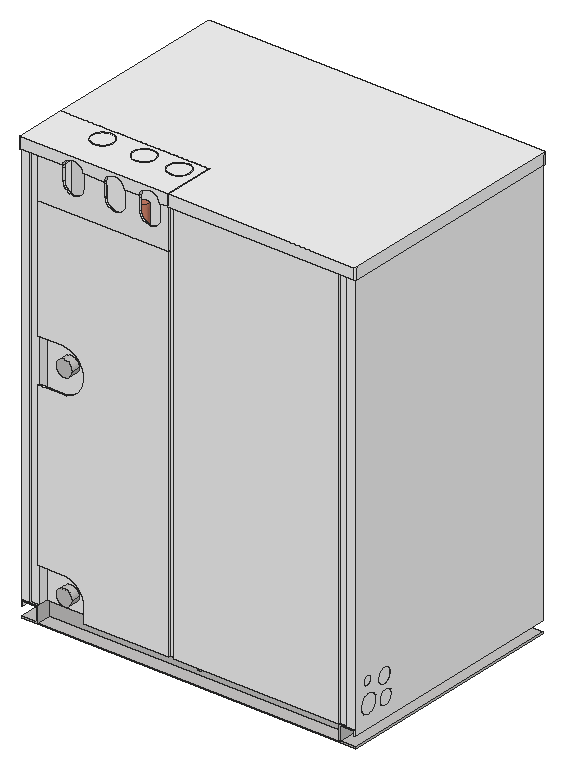
Revit family "Heat_Pump-Water_Source-JCI-Outdoor-6-18 _ton-w Heat Recovery", category Mechanical Equipment, Revit 2015
Parameters (values of type "208 v - 6 ton Cooling Capacity")
  Width = 21 5/8"
  Water X Offset = 3 11/16"
  Water Radius = Water Diameter / 2  # 5/8"
  Water Pressure Drop [instance] = 0.00 psi
  Water Flow [instance] = 0 GPM
  Water Diameter = 1 1/4"
  Water Body Radius = Water Radius + 13/128"  # 93/128"
  Voltage = 208 V
  Visibility 3 [instance] = not(Knockout Power 3)  # yes
  Visibility 2 [instance] = not(Knockout Power 2)  # yes
  Visibility 1 [instance] = not(Knockout Power 1)  # no
  URL = "http://www.johnsoncontrols.com"
  Type Comments = "208 v - 6 ton Cooling Capacity"
  Total Heating Capacity = 96000.0 Btu/h
  Total Cooling Capacity = 72000.0 Btu/h
  Top Refrigerant [instance] = not(Front Refrigerant)  # no
  Refrigerant Used = "R410A"
  Rear Condensate [instance] = not(Front Condensate)  # no
  Product Page URL = ""
  Product Name = "(H,Y)VWHR072B32S"
  Product Documentation Link = ""
  Power Z Offset [instance] = if(Knockout Power 1, 4 15/16", if(Knockout Power 2, 3", 2 11/16"))  # 4 15/16"
  Power Y Offset [instance] = if(Knockout Power 1, 1 1/2", if(Knockout Power 2, 1 5/8", 3 9/16"))  # 1 1/2"
  Power Factor = 0.8
  Plate Depth = 1/8"
  Pipe Material 2 = Metal - JCI - Steel WSHP
  Pipe Material 1 = Metal - JCI - Copper WSHP
  Phase = 3
  Panel 1 Width = 13 1/2"
  Operating Weight = 370.00 lbf
  Offset = 0"
  Number of Poles = 3
  Model = Product Name  # "(H,Y)VWHR072B32S"
  Minimum Circuit Current = 20 A
  Maximum Overcurrent Protection = 30 A
  Manufacturer = "Johnson Controls Incorporated"
  Load Classification = HVAC
  Lid Height = 1"
  Length 9 [instance] = if(Clearance Zones, Clearance Top Label, 0")  # 0"
  Length 8 [instance] = if(Clearance Zones, Clearance Back Label, 0")  # 0"
  Length 7 [instance] = if(Clearance Zones, Clearance Front, 0")  # 0"
  Length 6 [instance] = if(Clearance Zones, Clearance Right, 0")  # 0"
  Length 5 [instance] = if(Clearance Zones, Clearance Left, 0")  # 0"
  Length 4 = Knockout Radius + 1/32"  # 1"
  Length 2 = 5/32"
  Length 3 = 0" - Plate Depth  # -1/8"
  Length 12 = -1/8"
  Length 11 = (Width / 2) - Base Width + Plate Depth + 13/256"  # 9 125/256"
  Length 10 [instance] = 3" - 2 * Knockout Radius  # 1 1/16"
  Length 1 = 1/8"
  Length = 30 11/16"
  Knockout Radius = 1 15/16" / 2  # 31/32"
  Front Condensate [instance] = yes
  Drain X Offset = 15 3/8"
  Drain Flow [instance] = 0 GPM
  Drain Body Radius = Drain Diameter / 2 + 13/128"  # 45/128"
  Drain Diameter = 1/2"
  DX Gas Suction X Offset = 4 3/4"
  DX Gas Suction Radius = DX Gas Suction Diameter / 2  # 5/16"
  DX Gas Suction Diameter = 5/8"
  Clearance Top 2 = 11 13/16"
  Clearance Top 1 = 3 15/16"
  Clearance Back 2 = 19 11/16"
  Clearance Back 1 = 13/16"
  Base Width = 1 1/2"
  Knockout Power 3 [instance] = no
  Knockout Power 2 [instance] = no
  Knockout Power 1 [instance] = yes
  Front Refrigerant [instance] = yes
  Height = 39 3/8"
  Frequency = 60 Hz
  Description = "Outdoor Unit Variable Refrigerant Flow with Heat Recovery"
  DX Liquid X Offset = 11 3/4"
  DX Liquid Radius = DX Liquid Diameter / 2  # 3/16"
  DX Liquid Diameter = 3/8"
  DX Z Offset [instance] = 35 1/2"
  DX Gas Discharge X Offset = 8 9/16"
  DX Gas Discharge Radius = DX Gas Discharge Diameter / 2  # 3/8"
  DX Gas Discharge Diameter = 3/4"
  Copyright © = "Copyright © 2001-2017 Johnson Controls"  # constant formula
  Clearance Zones [instance] = no
  Clearance Top Label [instance] = if(Front Refrigerant, Clearance Top 1, Clearance Top 2)  # 3 15/16"
  Clearance Right = 7 7/8"
  Clearance Material = Clearance Zones
  Clearance Left = 7 7/8"
  Clearance Front = 19 11/16"
  Clearance Back Label [instance] = if(Rear Condensate, Clearance Back 2, Clearance Back 1)  # 13/16"
  Body Material = Paint - JCI - White WSHP
  Body Inset = 1/8"
  Base Material = Metal - JCI - Steel WSHP
  Base Height = 1 1/2"
  Assembly Code = "D3030200"
  Apparent Load = Voltage * Minimum Circuit Current / Power Factor  # 5200 VA
  Angle 1 [instance] = if(Front Condensate, 0.00°, 180.00°)  # 0.00°
Reference planes (in)
  plane 1 "Center (Front/Back)": y = 0
  plane 2: z = 0
  plane 3 "Center (Left/Right)": x = 0
  plane 4 "Left": x = -15.34375
  plane 5 "Right": x = 15.34375
  plane 6 "Back": y = 10.8125
  plane 7 "Front": y = -10.8125
  plane 8 "Bottom": z = 0
  plane 9 "Top": z = 39.375
  plane 10 "base top": z = 1.5
  plane 11 "lid bottom": z = 38.375
  plane 12 "front leg inside": y = -9.3125
  plane 13 "back leg inside": y = 9.3125
  plane 14 "body left": x = -15.21875
  plane 15 "body right": x = 15.21875
  plane 16 "body back": y = 10.6875
  plane 17 "body front": y = -10.6875
  plane 18 "left leg inside": x = -13.71875
  plane 19 "right leg inside": x = 13.71875
  plane 20 "panel bottom": z = 1
  plane 21 "detail panel top": z = 4.8125
  plane 22 "clearance back": y = 10.8125
  plane 23 "clearance front": y = -10.8125
  plane 24 "clearance left": x = -15.34375
  plane 25 "clearance right": x = 15.34375
  plane 26 "clearance top": z = 39.375
  plane 27: y = 0
  plane 28 "dx liquid x cl": x = -3.46875
  plane 29 "dx gas discharge x cl": x = -6.65625
  plane 30 "dx y cl": y = -7.4375
  plane 31: x = 13.5625
  plane 32 "front dummy": y = -10.8125
  plane 33: z = 0.125
  plane 34: z = 1.375
  plane 35 "connection back": y = -9.6875
  plane 36 "panel 1": x = -1.84375
  plane 37 "water x cl": x = -11.53125
  plane 38 "water in z cl": z = 2.8125
  plane 39 "water out z cl": z = 21.5625
  plane 40 "front panel top section": z = 34.625
  plane 41 "dx gas suction x cl": x = -10.46875
  plane 42 "front knockout z cl": z = 37.625
  plane 43: z = 38.15625
  plane 44: z = 37.09375
  plane 45: z = 39.25
  plane 46 "dx z cl": z = 35.5
  plane 47 "drain x cl": x = 0.03125
  plane 48 "drain z cl": z = 0.875
  plane 49 "bottom dummy": z = 0
Forms (in)
  Extrusion 1, solid, material "Paint - JCI - White WSHP" <- "Body Material", detail levels medium+fine
    sketch origin (0, 0, 0) x (1, 0, 0) y (0, 1, 0)
      loop
        arc (-15.21875, 10.8125) -> (-15.30714, 10.77589) -> (-15.34375, 10.6875) r 0.125
        line (-15.34375, 10.6875) -> (-15.34375, -6.0325) -> (-1.81375, -6.0325) -> (-1.81375, -10.8125) -> (15.21875, -10.8125)
        arc (15.21875, -10.8125) -> (15.30714, -10.77589) -> (15.34375, -10.6875) r 0.125
        line (15.34375, -10.6875) -> (15.34375, 10.6875)
        arc (15.34375, 10.6875) -> (15.30714, 10.77589) -> (15.21875, 10.8125) r 0.125
        line (15.21875, 10.8125) -> (-15.21875, 10.8125)
      loop
        arc (-15.34375, -10.6875) -> (-15.30714, -10.77589) -> (-15.21875, -10.8125) r 0.125
        line (-15.21875, -10.8125) -> (-1.84375, -10.8125) -> (-1.84375, -6.0625) -> (-15.34375, -6.0625) -> (-15.34375, -10.6875)
      loop
        circle (-10.46875, -7.4375) r 0.96875
      loop
        circle (-6.65625, -7.4375) r 0.96875
      loop
        circle (-3.46875, -7.4375) r 0.96875
    from 38.375 to 39.375
  Extrusion 2, solid, material "Paint - JCI - White WSHP" <- "Body Material", detail levels medium+fine
    sketch origin (0, -10.6875, 0) x (-1, 0, 0) y (0, 0, 1)
      loop
        line (1.84375, 1.5) -> (9.53125, 1.5) -> (9.53125, 2.8125)
        arc (9.53125, 2.8125) -> (10.11704, 4.22671) -> (11.53125, 4.8125) r 2
        line (11.53125, 4.8125) -> (13.71875, 4.8125) -> (13.71875, 19.5625) -> (11.53125, 19.5625)
        arc (11.53125, 19.5625) -> (9.53125, 21.5625) -> (11.53125, 23.5625) r 2
        line (11.53125, 23.5625) -> (13.71875, 23.5625) -> (13.71875, 34.59375) -> (1.84375, 34.59375) -> (1.84375, 1.5)
      loop
        line (1.34375, 38.375) -> (-13.71875, 38.375) -> (-13.71875, 1.5) -> (1.34375, 1.5) -> (1.34375, 38.375)
      loop
        line (13.71875, 38.375) -> (1.84375, 38.375) -> (1.84375, 34.625) -> (13.71875, 34.625) -> (13.71875, 38.375)
    from 0 to 0.125 <- "Plate Depth"
  Extrusion 3, solid, detail levels coarse
    sketch origin (0, 0, 0) x (1, 0, 0) y (0, 1, 0)
      loop
        line (-15.34375, 10.8125) -> (-15.34375, -10.8125) -> (15.34375, -10.8125) -> (15.34375, 10.8125) -> (-15.34375, 10.8125)
    from 0 to 39.375
  Extrusion 4, solid, material "Clearance Zones" <- "Clearance Material", visible <- "Clearance Zones"
    sketch origin (0, 0, 38.375) x (-1, 0, 0) y (0, -1, 0)
      loop
        line (15.34375, -10.8125) -> (15.34375, 10.8125) -> (-15.34375, 10.8125) -> (-15.34375, -10.8125) -> (15.34375, -10.8125)
    from -38.375 to 1
  Extrusion 5, solid, material "Metal - JCI - Steel WSHP" <- "Base Material", detail levels medium+fine
    sketch origin (0, 0, 0) x (1, 0, 0) y (0, 0, 1)
      loop
        line (15.09375, 1.375) -> (15.09375, 1.5) -> (13.71875, 1.5) -> (13.71875, 0) -> (15.21875, 0) -> (15.21875, 0.125) -> (13.84375, 0.125) -> (13.84375, 1.375) -> (15.09375, 1.375)
      loop
        line (-15.09375, 1.375) -> (-13.84375, 1.375) -> (-13.84375, 0.125) -> (-15.21875, 0.125) -> (-15.21875, 0) -> (-13.71875, 0) -> (-13.71875, 1.5) -> (-15.09375, 1.5) -> (-15.09375, 1.375)
    from -10.6875 to 10.6875
  Extrusion 6, solid, material "Paint - JCI - White WSHP" <- "Body Material", detail levels medium+fine
    sketch origin (0, 0, 0) x (1, 0, 0) y (0, 1, 0)
      loop
        line (-15.09375, 10.5625) -> (-15.09375, -10.5625) -> (-13.71875, -10.5625) -> (-13.71875, -9.6875) -> (-1.84375, -9.6875) -> (-1.84375, -10.5625) -> (15.09375, -10.5625) -> (15.09375, 10.5625) -> (-15.09375, 10.5625)
    from 1.5 to 38.375
  Extrusion 7, solid, material "Paint - JCI - White WSHP" <- "Body Material", detail levels medium+fine
    sketch origin (0, 0, 0) x (1, 0, 0) y (0, 1, 0)
      loop
        line (-15.09375, -10.5625) -> (-15.09375, 10.5625) -> (-14.46875, 10.5625) -> (-14.46875, 10.6875) -> (-15.21875, 10.6875) -> (-15.21875, -10.6875) -> (-14.46875, -10.6875) -> (-14.46875, -10.5625) -> (-15.09375, -10.5625)
      loop
        line (14.46875, 10.6875) -> (14.46875, 10.5625) -> (15.09375, 10.5625) -> (15.09375, -10.5625) -> (14.46875, -10.5625) -> (14.46875, -10.6875) -> (15.21875, -10.6875) -> (15.21875, 10.6875) -> (14.46875, 10.6875)
    from 1 to 38.375
  Extrusion 8, void
    sketch origin (0, 0, 0) x (1, 0, 0) y (0, 1, 0)
      loop
        line (-15.09375, 10.8125) -> (-15.09375, -10.8125) -> (15.09375, -10.8125) -> (15.09375, 10.8125) -> (-15.09375, 10.8125)
    from 0 to 1.5
  Extrusion 9, solid, material "Metal - JCI - Steel WSHP" <- "Pipe Material 2", detail levels medium+fine
    sketch origin (0, -9.6875, 0) x (-1, 0, 0) y (0, 0, 1)
      loop
        circle (11.53125, 21.5625) r 0.72656
      loop
        circle (11.53125, 2.8125) r 0.72656
    from 0 to -0.75
  Extrusion 10, void
    sketch origin (-38.06929, -10.7505, 48) x (1, 0, 0) y (0, 0, 1)
      loop
        line (26.63179, -9.84375) -> (26.63179, -10.90625)
        arc (26.63179, -10.90625) -> (27.60054, -11.875) -> (28.56929, -10.90625) r 0.96875
        line (28.56929, -10.90625) -> (28.56929, -9.84375)
        arc (28.56929, -9.84375) -> (27.60054, -8.875) -> (26.63179, -9.84375) r 0.96875
      loop
        line (30.44429, -9.84375) -> (30.44429, -10.90625)
        arc (30.44429, -10.90625) -> (31.41304, -11.875) -> (32.38179, -10.90625) r 0.96875
        line (32.38179, -10.90625) -> (32.38179, -9.84375)
        arc (32.38179, -9.84375) -> (31.41304, -8.875) -> (30.44429, -9.84375) r 0.96875
      loop
        line (33.63179, -9.84375) -> (33.63179, -10.90625)
        arc (33.63179, -10.90625) -> (34.60054, -11.875) -> (35.56929, -10.90625) r 0.96875
        line (35.56929, -10.90625) -> (35.56929, -9.84375)
        arc (35.56929, -9.84375) -> (34.60054, -8.875) -> (33.63179, -9.84375) r 0.96875
    from -1.063 to 0.125
  Extrusion 11, void
    sketch origin (0, 0, 0) x (1, 0, 0) y (0, 1, 0)
      loop
        line (-11.4375, -6.0325) -> (-11.4375, -10.5625) -> (-1.84375, -10.5625) -> (-1.84375, -6.0325) -> (-11.4375, -6.0325)
    from 27.82383 to 39.25
  Extrusion 12, solid, material "Paint - JCI - White WSHP" <- "Body Material", visible <- "Top Refrigerant", detail levels medium+fine
    sketch origin (0, -10.6875, 0) x (-1, 0, 0) y (0, 0, 1)
      loop
        arc (11.4375, 38.15625) -> (10.46875, 39.125) -> (9.5, 38.15625) r 0.96875
        line (9.5, 38.15625) -> (9.5, 37.09375)
        arc (9.5, 37.09375) -> (10.46875, 36.125) -> (11.4375, 37.09375) r 0.96875
        line (11.4375, 37.09375) -> (11.4375, 38.15625)
    from 0 to 0.125 <- "Plate Depth"
  Extrusion 13, solid, material "Paint - JCI - White WSHP" <- "Body Material", visible <- "Top Refrigerant", detail levels medium+fine
    sketch origin (0, -10.6875, 0) x (-1, 0, 0) y (0, 0, 1)
      loop
        line (5.6875, 38.15625) -> (5.6875, 37.09375)
        arc (5.6875, 37.09375) -> (6.65625, 36.125) -> (7.625, 37.09375) r 0.96875
        line (7.625, 37.09375) -> (7.625, 38.15625)
        arc (7.625, 38.15625) -> (6.65625, 39.125) -> (5.6875, 38.15625) r 0.96875
      loop
        line (4.4375, 37.09375) -> (4.4375, 38.15625)
        arc (4.4375, 38.15625) -> (3.46875, 39.125) -> (2.5, 38.15625) r 0.96875
        line (2.5, 38.15625) -> (2.5, 37.09375)
        arc (2.5, 37.09375) -> (3.46875, 36.125) -> (4.4375, 37.09375) r 0.96875
    from 0 to 0.125 <- "Plate Depth"
  Extrusion 14, solid, material "Paint - JCI - White WSHP" <- "Body Material", visible <- "Front Refrigerant", detail levels medium+fine
    sketch origin (0, 0, 39.375) x (-1, 0, 0) y (0, -1, 0)
      loop
        circle (6.65625, 7.4375) r 0.96875
      loop
        circle (3.46875, 7.4375) r 0.96875
      loop
        circle (10.46875, 7.4375) r 0.96875
    from 0 to -0.125 <- "Length 3"
  Extrusion 15, solid, material "Metal - JCI - Steel WSHP" <- "Base Material", detail levels medium+fine
    sketch origin (0, 0, 0) x (0, 1, 0) y (0, 0, 1)
      loop
        line (9.4375, 1.5) -> (9.3125, 1.5) -> (9.3125, 0) -> (10.6875, 0) -> (10.6875, 0.125) -> (9.4375, 0.125) -> (9.4375, 1.5)
      loop
        line (-9.3125, 1.5) -> (-9.4375, 1.5) -> (-9.4375, 0.125) -> (-10.6875, 0.125) -> (-10.6875, 0) -> (-9.3125, 0) -> (-9.3125, 1.5)
    from -13.71875 to 13.71875
  Extrusion 16, solid, material "Metal - JCI - Copper WSHP" <- "Pipe Material 1", detail levels medium+fine
    sketch origin (0, 0, 35.5) x (0, 1, 0) y (-1, 0, 0)
      loop
        circle (-7.4375, 6.65625) r 0.375
      loop
        circle (-7.4375, 3.46875) r 0.1875
      loop
        circle (-7.4375, 10.46875) r 0.3125
    from 0 to -7.67617
  Extrusion 17, void
    sketch origin (15.21875, 0, 0) x (0, 1, 0) y (0, 0, 1)
      loop
        circle (-9.3125, 4.9375) r 0.4375
      loop
        circle (-7.375, 4.5) r 0.71875
      loop
        circle (-9.1875, 3) r 0.875
      loop
        circle (-7.25, 2.6875) r 0.6875
    from 0 to -0.125 <- "Length 3"
  Extrusion 18, solid, material "Paint - JCI - White WSHP" <- "Body Material", visible <- "Visibility 1", detail levels medium+fine
    sketch origin (15.21875, 0, 0) x (0, 1, 0) y (0, 0, 1)
      loop
        circle (-9.3125, 4.9375) r 0.4375
    from 0 to -0.125 <- "Length 12"
  Extrusion 19, solid, material "Paint - JCI - White WSHP" <- "Body Material", visible <- "Visibility 2", detail levels medium+fine
    sketch origin (15.21875, 0, 0) x (0, 1, 0) y (0, 0, 1)
      loop
        circle (-9.1875, 3) r 0.875
    from 0 to -0.125 <- "Length 3"
  Extrusion 20, solid, material "Paint - JCI - White WSHP" <- "Body Material", visible <- "Visibility 3", detail levels medium+fine
    sketch origin (15.21875, 0, 0) x (0, 1, 0) y (0, 0, 1)
      loop
        circle (-7.25, 2.6875) r 0.6875
    from 0 to -0.125 <- "Length 3"
  Extrusion 21, solid, material "Paint - JCI - White WSHP" <- "Body Material", not visible
    sketch origin (15.21875, 0, 0) x (0, 1, 0) y (0, 0, 1)
      loop
        circle (-9.3125, 4.9375) r 0.25
    from -0.125 <- "Length 3" to -0.25
  Revolve 22, solid, material "Metal - JCI - Steel WSHP" <- "Base Material", detail levels medium+fine
    sketch origin (0.03125, 0, 0.875) x (0, -1, 0) y (1, 0, 0)
      loop
        line (9.36328, -0.35156) -> (9.48828, -0.35156) -> (9.48828, 0) -> (9.36328, 0) -> (9.36328, -0.35156)
      axis (9.36328, 0) -> (9.48828, 0)
    angle from 0 to 360
Cuts and joins
  Extrusion 8, Extrusion 17 cuts Extrusion 7
  Extrusion 10 cuts Extrusion 2
  Extrusion 10, Extrusion 11 cuts Extrusion 1
  Extrusion 11 cuts Extrusion 6
Lines and regions (in)
  Masking region 1
    outline origin (0, 0, 38.375) x (-1, 0, 0) y (0, -1, 0)
      loop
        line (15.34375, -10.8125) -> (15.34375, 10.8125) -> (-15.34375, 10.8125) -> (-15.34375, -10.8125) -> (15.34375, -10.8125)
  Masking region 2, detail levels coarse
    outline origin (0, 0, 0) x (1, 0, 0) y (0, 0, 1)
      loop
        line (-15.34375, 39.375) -> (-15.34375, 0) -> (15.34375, 0) -> (15.34375, 39.375) -> (-15.34375, 39.375)
  Masking region 3, detail levels medium+fine
    outline origin (0, 0, 0) x (1, 0, 0) y (0, 0, 1)
      loop
        line (-15.34375, 38.375) -> (-15.21875, 38.375) -> (-15.21875, 0.85015) -> (-15.09375, 0.85015) -> (-15.09375, 1.375) -> (-13.84375, 1.375) -> (-13.84375, 0.125) -> (-15.21875, 0.125) -> (-15.21875, 0) -> (15.21875, 0) -> (15.21875, 0.125) -> (13.84375, 0.125) -> (13.84375, 1.375) -> (15.09375, 1.375) -> (15.09375, 1) -> (15.21875, 1) -> (15.21875, 38.375) -> (15.34375, 38.375) -> (15.34375, 39.375) -> (-15.34375, 39.375) -> (-15.34375, 38.375)
  Masking region 4, detail levels coarse
    outline origin (0, 0, 0) x (0, 1, 0) y (0, 0, 1)
      loop
        line (10.8125, 39.375) -> (-10.8125, 39.375) -> (-10.8125, 0) -> (10.8125, 0) -> (10.8125, 39.375)
  Masking region 5, detail levels medium+fine
    outline origin (0, 0, 0) x (0, 1, 0) y (0, 0, 1)
      loop
        line (10.8125, 38.375) -> (10.8125, 39.375) -> (-10.8125, 39.375) -> (-10.8125, 38.375) -> (-10.6875, 38.375) -> (-10.6875, 0) -> (10.6875, 0) -> (10.6875, 38.375) -> (10.8125, 38.375)
  symbolic lines, style "Clearance Zones", visible <- "Clearance Zones"
    curve 1: line (-15.34375, 10.8125, 38.375) -> (15.34375, 10.8125, 38.375)
    curve 2: line (-15.34375, -10.8125, 38.375) -> (-15.34375, 10.8125, 38.375)
    curve 3: line (15.34375, -10.8125, 38.375) -> (-15.34375, -10.8125, 38.375)
    curve 4: line (15.34375, 10.8125, 38.375) -> (15.34375, -10.8125, 38.375)
    curve 5: line (-15.34375, 0, 39.375) -> (15.34375, 0, 39.375)
    curve 6: line (-15.34375, 0, 0) -> (-15.34375, 0, 39.375)
    curve 7: line (15.34375, 0, 0) -> (-15.34375, 0, 0)
    curve 8: line (15.34375, 0, 39.375) -> (15.34375, 0, 0)
    curve 9: line (0, 10.8125, 39.375) -> (0, -10.8125, 39.375)
    curve 10: line (0, 10.8125, 0) -> (0, 10.8125, 39.375)
    curve 11: line (0, -10.8125, 0) -> (0, 10.8125, 0)
    curve 12: line (0, -10.8125, 39.375) -> (0, -10.8125, 0)
  symbolic lines, detail levels medium+fine
    curve 13: line (-1.84375, -6.0625, 39.375) -> (-15.34375, -6.0625, 39.375)
    curve 14: line (-1.84375, -10.8125, 39.375) -> (-1.84375, -6.0625, 39.375)
    curve 15: circle (-6.65625, -7.4375, 39.375) r 0.96875 normal (0, 0, 1)
    curve 16: circle (-3.46875, -7.4375, 39.375) r 0.96875 normal (0, 0, 1)
    curve 17: circle (-10.46875, -7.4375, 39.375) r 0.96875 normal (0, 0, 1)
    curve 18: line (-13.71875, -10.6875, 38.375) -> (-13.71875, -10.6875, 0)
    curve 19: line (13.71875, -10.6875, 0) -> (13.71875, -10.6875, 38.375)
    curve 20: line (-13.71875, -10.6875, 0.125) -> (13.71875, -10.6875, 0.125)
    curve 21: line (-15.21875, -10.6875, 38.375) -> (-11.41248, -10.6875, 38.375)
    curve 22: line (-15.09375, -10.6875, 1.375) -> (-15.09375, -10.6875, 1.5)
    curve 23: line (-15.09375, -10.6875, 1.5) -> (15.09375, -10.6875, 1.5)
    curve 24: line (-14.46875, -10.6875, 38.375) -> (-14.46875, -10.6875, 1.5)
    curve 25: line (15.09375, -10.6875, 1.5) -> (15.09375, -10.6875, 1.375)
    curve 26: line (14.46875, -10.6875, 1.5) -> (14.46875, -10.6875, 38.375)
    curve 27: line (-1.34375, -10.8125, 1.5) -> (-1.34375, -10.8125, 38.375)
    curve 28: line (-1.84375, -10.8125, 34.625) -> (-1.84375, -10.8125, 1.5)
    curve 29: line (-11.53125, -10.8125, 4.8125) -> (-13.71875, -10.8125, 4.8125)
    curve 30: arc (-9.53125, -10.8125, 2.8125) -> (-10.11704, -10.8125, 4.22671) -> (-11.53125, -10.8125, 4.8125) r 2
    curve 31: line (-9.53125, -10.8125, 1.5) -> (-9.53125, -10.8125, 2.8125)
    curve 32: line (-13.71875, -10.8125, 19.5625) -> (-11.53125, -10.8125, 19.5625)
    curve 33: arc (-11.53125, -10.8125, 19.5625) -> (-9.53125, -10.8125, 21.5625) -> (-11.53125, -10.8125, 23.5625) r 2
    curve 34: line (-11.53125, -10.8125, 23.5625) -> (-13.71875, -10.8125, 23.5625)
    curve 35: line (-1.84375, -10.8125, 34.625) -> (-13.71875, -10.8125, 34.625)
    curve 36: line (-1.84375, -10.8125, 39.375) -> (-1.84375, -10.8125, 34.625)
    curve 37: line (-9.52502, -10.6875, 38.375) -> (-7.59998, -10.6875, 38.375)
    curve 38: line (-5.71252, -10.6875, 38.375) -> (-4.41248, -10.6875, 38.375)
    curve 39: line (-2.52502, -10.6875, 38.375) -> (15.21875, -10.6875, 38.375)
    curve 40: line (-7.625, -10.8125, 38.15625) -> (-7.625, -10.8125, 37.09375)
    curve 41: arc (-7.625, -10.8125, 37.09375) -> (-6.65625, -10.8125, 36.125) -> (-5.6875, -10.8125, 37.09375) r 0.96875
    curve 42: line (-5.6875, -10.8125, 37.09375) -> (-5.6875, -10.8125, 38.15625)
    curve 43: arc (-5.6875, -10.8125, 38.15625) -> (-6.65625, -10.8125, 39.125) -> (-7.625, -10.8125, 38.15625) r 0.96875
    curve 44: line (-2.5, -10.8125, 37.09375) -> (-2.5, -10.8125, 38.15625)
    curve 45: arc (-2.5, -10.8125, 38.15625) -> (-3.46875, -10.8125, 39.125) -> (-4.4375, -10.8125, 38.15625) r 0.96875
    curve 46: line (-4.4375, -10.8125, 38.15625) -> (-4.4375, -10.8125, 37.09375)
    curve 47: arc (-4.4375, -10.8125, 37.09375) -> (-3.46875, -10.8125, 36.125) -> (-2.5, -10.8125, 37.09375) r 0.96875
    curve 48: line (-9.5, -10.8125, 37.09375) -> (-9.5, -10.8125, 38.15625)
    curve 49: arc (-9.5, -10.8125, 38.15625) -> (-10.46875, -10.8125, 39.125) -> (-11.4375, -10.8125, 38.15625) r 0.96875
    curve 50: line (-11.4375, -10.8125, 38.15625) -> (-11.4375, -10.8125, 37.09375)
    curve 51: arc (-11.4375, -10.8125, 37.09375) -> (-10.46875, -10.8125, 36.125) -> (-9.5, -10.8125, 37.09375) r 0.96875
    curve 52: circle (-11.53125, -10.8125, 21.5625) r 0.72656 normal (0, 1, 0)
    curve 53: circle (-11.53125, -10.8125, 2.8125) r 0.72656 normal (0, 1, 0)
    curve 54: line (0, 10.6875, 1) -> (0, -10.6875, 1)
    curve 55: line (0, 10.6875, 0.125) -> (0, -10.6875, 0.125)
    curve 56: line (0, 10.6875, 38.375) -> (0, -10.6875, 38.375)
    curve 57: circle (15.34375, -7.25, 2.6875) r 0.6875 normal (1, 0, 0)
    curve 58: circle (15.34375, -9.1875, 3) r 0.875 normal (1, 0, 0)
    curve 59: circle (15.34375, -9.3125, 4.9375) r 0.4375 normal (1, 0, 0)
    curve 60: circle (15.34375, -7.375, 4.5) r 0.71875 normal (1, 0, 0)
    curve 62: circle (0.03125, -10.8125, 0.875) r 0.35156 normal (0, 1, 0)
    curve 65: line (-11.41248, 10.8125, 38.375) -> (-9.52502, 10.8125, 38.375)
    curve 66: line (-7.59998, 10.8125, 38.375) -> (-5.71252, 10.8125, 38.375)
    curve 67: line (-4.41248, 10.8125, 38.375) -> (-2.52502, 10.8125, 38.375)
  reference lines, not visible
    curve 61: line (0.03125, 0, 0.875) -> (0.03125, -9.48828, 0.875)
  symbolic lines, visible <- "Top Refrigerant", detail levels medium+fine
    curve 63: circle (-6.65625, -7.4375, 39.375) r 0.375 normal (0, 0, 1)
    curve 64: circle (-3.46875, -7.4375, 39.375) r 0.1875 normal (0, 0, 1)
    curve 68: circle (-10.46875, -7.4375, 39.375) r 0.3125 normal (0, 0, 1)
Dimensions and locks (in)
  equal spacing: plane 4 "Left", plane 3 "Center (Left/Right)", plane 5 "Right"
  "Length": plane 4 "Left" to plane 5 "Right"
  equal spacing: plane 6 "Back", plane 1 "Center (Front/Back)", plane 7 "Front"
  "Width": plane 6 "Back" to plane 7 "Front"
  "Height": plane 9 "Top" to plane 8 "Bottom"
  "Base Height": plane 10 "base top" to plane 8 "Bottom"
  "Offset": plane 8 "Bottom" to level
  "Lid Height": plane 9 "Top" to plane 11 "lid bottom"
  "Base Width": plane 6 "Back" to plane 13 "back leg inside"
  "Base Width": plane 12 "front leg inside" to plane 7 "Front"
  "Body Inset": plane 6 "Back" to plane 16 "body back"
  "Body Inset": plane 17 "body front" to plane 7 "Front"
  "Base Width": plane 14 "body left" to plane 18 "left leg inside"
  "Base Width": plane 19 "right leg inside" to plane 15 "body right"
  "Length 5": plane 24 "clearance left" to plane 4 "Left"
  "Length 6": plane 5 "Right" to plane 25 "clearance right"
  "Length 8": plane 22 "clearance back" to plane 6 "Back"
  "Length 7": plane 32 "front dummy" to plane 23 "clearance front"
  "Length 9": plane 26 "clearance top" to plane 9 "Top"
  "DX Liquid X Offset": plane 14 "body left" to plane 28 "dx liquid x cl"
  "DX Gas Discharge X Offset": plane 14 "body left" to plane 29 "dx gas discharge x cl"
  "Length 2": plane 19 "right leg inside" to plane 31
  "Body Inset": plane 4 "Left" to plane 14 "body left"
  "Body Inset": plane 15 "body right" to plane 5 "Right"
  "Plate Depth": plane 10 "base top" to plane 34
  "Plate Depth": plane 33 to plane 8 "Bottom"
  "Plate Depth": plane 15 "body right" to Extrusion 5 sketch curve
  "Plate Depth": Extrusion 5 sketch curve to Extrusion 5 sketch curve  (x5)
  "Plate Depth": Extrusion 5 sketch curve to plane 14 "body left"
  locked: plane 35 "connection back" to plane 17 "body front" at 1
  "Panel 1 Width": plane 4 "Left" to plane 36 "panel 1"
  "Plate Depth": plane 17 "body front" to Extrusion 6 sketch curve
  "Plate Depth": Extrusion 6 sketch curve to plane 15 "body right"
  "Plate Depth": plane 14 "body left" to Extrusion 6 sketch curve
  "Plate Depth": plane 16 "body back" to Extrusion 6 sketch curve
  "Plate Depth": Extrusion 7 sketch curve to Extrusion 7 sketch curve  (x5)
  locked: plane 10 "base top" to plane 20 "panel bottom" at 0.5
  "Plate Depth": Extrusion 5 to Extrusion 7 sketch curve
  locked: Extrusion 5 to Extrusion 7 sketch curve at 0.75
  locked: Extrusion 7 sketch curve to Extrusion 7 sketch curve at 0.75  (x3)
  "Plate Depth": plane 14 "body left" to Extrusion 8 sketch curve
  "Plate Depth": Extrusion 8 sketch curve to plane 15 "body right"
  "Water X Offset": plane 14 "body left" to plane 37 "water x cl"
  locked: plane 38 "water in z cl" to plane 8 "Bottom" at 2.8125
  locked: plane 39 "water out z cl" to plane 38 "water in z cl" at 18.75
  locked: plane 21 "detail panel top" to plane 38 "water in z cl" at 2
  locked: plane 37 "water x cl" to Extrusion 2 sketch curve at 2
  locked: Extrusion 2 sketch curve to plane 36 "panel 1" at 0.5
  locked: plane 9 "Top" to plane 40 "front panel top section" at 4.75
  locked: plane 40 "front panel top section" to Extrusion 2 sketch curve at 0.03125
  locked: Extrusion 1 sketch curve to Extrusion 1 sketch curve at 0.03  (x2)
  locked: Extrusion 1 sketch curve to Extrusion 1 sketch curve at 4.75
  "DX Gas Suction X Offset": plane 14 "body left" to plane 41 "dx gas suction x cl"
  locked: plane 30 "dx y cl" to plane 7 "Front" at 3.375
  equal spacing: plane 43, plane 42 "front knockout z cl", plane 44, locked at 0.53125 each
  "Length 10": plane 43 to plane 44
  locked: plane 9 "Top" to plane 42 "front knockout z cl" at 1.75
  "Plate Depth": plane 9 "Top" to plane 45
  "Plate Depth": Extrusion 11 sketch curve to plane 17 "body front"
  "Knockout Radius": Extrusion 11 sketch curve to plane 41 "dx gas suction x cl"
  "Plate Depth": Extrusion 15 sketch curve to Extrusion 15 sketch curve  (x2)
  "DX Z Offset": plane 46 "dx z cl" to plane 49 "bottom dummy"
  locked: plane 7 "Front" to Extrusion 17 sketch curve at 1.5
  plane 7 "Front" to Extrusion 17 sketch curve = 1 5/8"
  locked: plane 7 "Front" to Extrusion 17 sketch curve at 3.4375
  locked: plane 7 "Front" to Extrusion 17 sketch curve at 3.5625
  locked: Extrusion 17 sketch curve to plane 8 "Bottom" at 2.6875
  locked: Extrusion 17 sketch curve to plane 8 "Bottom" at 3
  locked: Extrusion 17 sketch curve to plane 8 "Bottom" at 4.5
  locked: Extrusion 17 sketch curve to plane 8 "Bottom" at 4.9375
  "Power Y Offset": plane 7 "Front" to Extrusion 21 sketch curve
  "Power Z Offset": Extrusion 21 sketch curve to plane 8 "Bottom"
  "Drain X Offset": plane 4 "Left" to plane 47 "drain x cl"
  locked: plane 48 "drain z cl" to plane 8 "Bottom" at 0.875
  "Length 11": curve 61 to curve 61
  "Drain Body Radius": Revolve 22 sketch curve to Revolve 22 sketch curve
  "Plate Depth": Revolve 22 sketch curve to Revolve 22 sketch curve
  "Length 1": radius of Extrusion 1 sketch curve  (x4)
  radius of Extrusion 2 sketch curve = 2"  (x2)
  "Water Body Radius": radius of Extrusion 9 sketch curve  (x2)
  "Knockout Radius": radius of Extrusion 1 sketch curve  (x3)
  "Knockout Radius": radius of Extrusion 10 sketch curve  (x2)
  "Knockout Radius": radius of Extrusion 12 sketch curve  (x2)
  "DX Liquid Radius": radius of Extrusion 16 sketch curve
  "DX Gas Discharge Radius": radius of Extrusion 16 sketch curve
  diameter of Extrusion 17 sketch curve = 7/8"
  diameter of Extrusion 17 sketch curve = 1 7/16"
  diameter of Extrusion 17 sketch curve = 1 3/8"
  diameter of Extrusion 17 sketch curve = 1 3/4"
  diameter of Extrusion 21 sketch curve = 1/2"
  "Drain Body Radius": radius of curve 62
  "DX Gas Discharge Radius": radius of curve 63
  "DX Liquid Radius": radius of curve 64
  "DX Gas Suction Radius": radius of Extrusion 16 sketch curve
  "Angle 1": angle plane 47 "drain x cl" to curve 61
  aligned and locked: level to plane 2
  aligned and locked: Extrusion 1 to plane 11 "lid bottom"
  aligned and locked: plane 17 "body front" to Extrusion 2
  aligned and locked: plane 7 "Front" to Extrusion 3 sketch curve
  aligned and locked: Extrusion 3 sketch curve to plane 5 "Right"
  aligned and locked: Extrusion 3 sketch curve to plane 6 "Back"
  aligned and locked: plane 4 "Left" to Extrusion 3 sketch curve
  aligned and locked: Extrusion 3 to plane 8 "Bottom"
  aligned and locked: Masking region 1 sketch curve to Extrusion 3  (x4)
  aligned and locked: Extrusion 4 sketch curve to plane 22 "clearance back"
  aligned and locked: plane 24 "clearance left" to Extrusion 4 sketch curve
  aligned and locked: plane 23 "clearance front" to Extrusion 4 sketch curve
  aligned and locked: Extrusion 4 sketch curve to plane 25 "clearance right"
  aligned and locked: curve 4 to plane 25 "clearance right"
  aligned and locked: plane 24 "clearance left" to curve 2
  aligned and locked: plane 23 "clearance front" to curve 3
  aligned and locked: curve 1 to plane 22 "clearance back"
  aligned and locked: plane 26 "clearance top" to Extrusion 4
  aligned and locked: Extrusion 4 to plane 8 "Bottom"
  aligned and locked: plane 24 "clearance left" to curve 6
  aligned and locked: curve 8 to plane 25 "clearance right"
  aligned and locked: curve 5 to plane 26 "clearance top"
  aligned and locked: plane 8 "Bottom" to curve 7
  aligned and locked: curve 10 to plane 22 "clearance back"
  aligned and locked: plane 23 "clearance front" to curve 12
  aligned and locked: curve 9 to plane 26 "clearance top"
  aligned and locked: plane 8 "Bottom" to curve 11
  aligned and locked: plane 4 "Left" to Masking region 2 sketch curve
  aligned and locked: Masking region 2 sketch curve to plane 5 "Right"
  aligned and locked: plane 8 "Bottom" to Masking region 2 sketch curve
  aligned and locked: Masking region 3 sketch curve to plane 9 "Top"
  aligned and locked: plane 11 "lid bottom" to Masking region 3 sketch curve
  aligned and locked: Masking region 3 sketch curve to plane 11 "lid bottom"
  aligned and locked: Masking region 4 sketch curve to Extrusion 3  (x4)
  aligned and locked: Masking region 5 sketch curve to Masking region 5 sketch curve
  aligned and locked: plane 11 "lid bottom" to Masking region 5 sketch curve
  aligned and locked: Masking region 5 sketch curve to plane 9 "Top"
  aligned and locked: plane 17 "body front" to Masking region 5 sketch curve
  aligned and locked: plane 32 "front dummy" to plane 7 "Front"
  aligned and locked: Extrusion 5 sketch curve to plane 8 "Bottom"
  aligned and locked: plane 33 to Extrusion 5 sketch curve
  aligned and locked: Extrusion 5 sketch curve to plane 19 "right leg inside"
  aligned and locked: plane 15 "body right" to Extrusion 5 sketch curve
  aligned and locked: plane 10 "base top" to Extrusion 5 sketch curve
  aligned and locked: plane 8 "Bottom" to Extrusion 5 sketch curve
  aligned and locked: Extrusion 5 sketch curve to plane 18 "left leg inside"
  aligned and locked: Extrusion 5 sketch curve to plane 10 "base top"
  aligned and locked: plane 16 "body back" to Extrusion 5
  aligned and locked: Extrusion 5 to plane 17 "body front"
  aligned and locked: Extrusion 6 sketch curve to plane 36 "panel 1"
  aligned and locked: Extrusion 6 sketch curve to plane 35 "connection back"
  aligned and locked: plane 11 "lid bottom" to Extrusion 6
  aligned and locked: Extrusion 6 to plane 10 "base top"
  aligned and locked: Extrusion 7 sketch curve to plane 14 "body left"
  aligned and locked: Extrusion 7 sketch curve to plane 15 "body right"
  aligned and locked: plane 11 "lid bottom" to Extrusion 7
  aligned and locked: plane 20 "panel bottom" to Extrusion 7
  aligned and locked: plane 10 "base top" to Extrusion 2 sketch curve  (x2)
  aligned and locked: plane 17 "body front" to Extrusion 7 sketch curve
  aligned and locked: Extrusion 7 sketch curve to plane 16 "body back"  (x2)
  aligned and locked: Extrusion 7 sketch curve to plane 17 "body front"
  aligned and locked: plane 7 "Front" to Extrusion 8 sketch curve
  aligned and locked: Extrusion 8 sketch curve to plane 6 "Back"
  aligned and locked: plane 10 "base top" to Extrusion 8
  aligned and locked: Extrusion 8 to plane 8 "Bottom"
  aligned and locked: Extrusion 6 sketch curve to plane 18 "left leg inside"
  aligned and locked: Extrusion 6 sketch curve to Extrusion 6 sketch curve
  aligned and locked: plane 21 "detail panel top" to Extrusion 2 sketch curve
  aligned and locked: plane 37 "water x cl" to Extrusion 2 sketch curve
  aligned and locked: Extrusion 2 sketch curve to plane 39 "water out z cl"
  aligned and locked: Extrusion 2 sketch curve to plane 36 "panel 1"
  aligned and locked: plane 18 "left leg inside" to Extrusion 2 sketch curve
  aligned and locked: Extrusion 2 sketch curve to Extrusion 2 sketch curve  (x3)
  aligned and locked: Extrusion 2 sketch curve to plane 19 "right leg inside"
  aligned and locked: Extrusion 9 sketch curve to plane 38 "water in z cl"
  aligned and locked: Extrusion 9 sketch curve to plane 39 "water out z cl"
  aligned and locked: plane 37 "water x cl" to Extrusion 9 sketch curve  (x2)
  aligned and locked: plane 9 "Top" to Extrusion 1
  aligned and locked: Extrusion 2 sketch curve to plane 11 "lid bottom"  (x2)
  aligned and locked: plane 40 "front panel top section" to Extrusion 2 sketch curve
  aligned and locked: plane 36 "panel 1" to Extrusion 1 sketch curve
  aligned and locked: plane 4 "Left" to Extrusion 1 sketch curve
  aligned and locked: plane 7 "Front" to Extrusion 1 sketch curve  (x2)
  aligned and locked: Extrusion 1 sketch curve to plane 5 "Right"
  aligned and locked: Extrusion 1 sketch curve to plane 6 "Back"
  aligned and locked: plane 9 "Top" to Extrusion 3
  aligned and locked: plane 30 "dx y cl" to Extrusion 1 sketch curve  (x3)
  aligned and locked: plane 41 "dx gas suction x cl" to Extrusion 1 sketch curve
  aligned and locked: plane 29 "dx gas discharge x cl" to Extrusion 1 sketch curve
  aligned and locked: plane 28 "dx liquid x cl" to Extrusion 1 sketch curve
  aligned and locked: plane 41 "dx gas suction x cl" to Extrusion 10 sketch curve  (x2)
  aligned and locked: Extrusion 10 sketch curve to plane 43  (x3)
  aligned and locked: Extrusion 10 sketch curve to plane 44  (x3)
  aligned and locked: plane 29 "dx gas discharge x cl" to Extrusion 10 sketch curve
  aligned and locked: plane 28 "dx liquid x cl" to Extrusion 10 sketch curve
  aligned and locked: Masking region 2 sketch curve to plane 9 "Top"
  aligned and locked: cut or joined group of Extrusion 1, Extrusion 10, Extrusion 11 to Extrusion 11 sketch curve
  aligned and locked: Extrusion 11 sketch curve to plane 36 "panel 1"
  aligned and locked: plane 45 to Extrusion 11
  aligned and locked: plane 35 "connection back" to Extrusion 10
  aligned and locked: plane 41 "dx gas suction x cl" to Extrusion 12 sketch curve  (x2)
  aligned and locked: Extrusion 12 sketch curve to plane 44
  aligned and locked: Extrusion 12 sketch curve to plane 43
  aligned and locked: Extrusion 12 to plane 17 "body front"
  aligned and locked: Extrusion 13 sketch curve to cut or joined group of Extrusion 1, Extrusion 10, Extrusion 11  (x2)
  aligned and locked: Extrusion 13 sketch curve to cut or joined group of Extrusion 2, Extrusion 10  (x2)
  aligned and locked: Extrusion 14 sketch curve to cut or joined group of Extrusion 1, Extrusion 10, Extrusion 11  (x3)
  aligned and locked: Extrusion 15 sketch curve to plane 33  (x2)
  aligned and locked: Extrusion 15 sketch curve to plane 8 "Bottom"  (x2)
  aligned and locked: Extrusion 15 sketch curve to plane 13 "back leg inside"
  aligned and locked: plane 10 "base top" to Extrusion 15 sketch curve  (x2)
  aligned and locked: Extrusion 15 sketch curve to plane 17 "body front"
  aligned and locked: plane 12 "front leg inside" to Extrusion 15 sketch curve
  aligned and locked: plane 16 "body back" to Extrusion 15 sketch curve
  aligned and locked: Extrusion 15 to plane 18 "left leg inside"
  aligned and locked: plane 19 "right leg inside" to Extrusion 15
  aligned and locked: plane 30 "dx y cl" to Extrusion 16 sketch curve  (x3)
  aligned and locked: plane 28 "dx liquid x cl" to Extrusion 16 sketch curve
  aligned and locked: plane 29 "dx gas discharge x cl" to Extrusion 16 sketch curve
  aligned and locked: cut or joined group of Extrusion 6, Extrusion 11 to Extrusion 16
  aligned and locked: plane 46 "dx z cl" to Extrusion 16
  aligned and locked: Extrusion 18 sketch curve to cut or joined group of Extrusion 7, Extrusion 8, Extrusion 17
  aligned and locked: Extrusion 19 sketch curve to cut or joined group of Extrusion 7, Extrusion 8, Extrusion 17
  aligned and locked: Extrusion 20 sketch curve to cut or joined group of Extrusion 7, Extrusion 8, Extrusion 17
  aligned and locked: curve 13 to cut or joined group of Extrusion 1, Extrusion 10, Extrusion 11
  aligned and locked: curve 14 to cut or joined group of Extrusion 1, Extrusion 10, Extrusion 11
  aligned and locked: curve 17 to cut or joined group of Extrusion 1, Extrusion 10, Extrusion 11
  aligned and locked: curve 15 to Extrusion 14
  aligned and locked: curve 16 to Extrusion 14
  aligned and locked: Masking region 3 sketch curve to plane 8 "Bottom"
  aligned and locked: Masking region 3 sketch curve to plane 14 "body left"  (x2)
  aligned and locked: Extrusion 5 to Masking region 3 sketch curve  (x5)
  aligned and locked: Masking region 3 sketch curve to cut or joined group of Extrusion 7, Extrusion 8, Extrusion 17
  aligned and locked: plane 4 "Left" to Masking region 3 sketch curve
  aligned and locked: plane 15 "body right" to Masking region 3 sketch curve
  aligned and locked: Masking region 3 sketch curve to plane 5 "Right"
  aligned and locked: plane 20 "panel bottom" to Masking region 3 sketch curve
  aligned and locked: cut or joined group of Extrusion 7, Extrusion 8, Extrusion 17 to Masking region 3 sketch curve
  aligned and locked: Masking region 3 sketch curve to Extrusion 5
  aligned and locked: Masking region 3 sketch curve to plane 15 "body right"
  aligned and locked: curve 18 to Extrusion 5
  aligned and locked: Extrusion 5 to curve 19
  aligned and locked: curve 20 to Extrusion 15
  aligned and locked: Masking region 3 to curve 18
  aligned and locked: Masking region 3 to curve 21  (x2)
  aligned and locked: Masking region 3 to curve 39
  aligned and locked: curve 21 to curve 18
  aligned and locked: curve 22 to Extrusion 5
  aligned and locked: curve 23 to Extrusion 5
  aligned and locked: curve 24 to cut or joined group of Extrusion 7, Extrusion 8, Extrusion 17
  aligned and locked: curve 25 to Extrusion 5
  aligned and locked: curve 26 to cut or joined group of Extrusion 7, Extrusion 8, Extrusion 17
  aligned and locked: curve 27 to cut or joined group of Extrusion 2, Extrusion 10
  aligned and locked: curve 28 to cut or joined group of Extrusion 2, Extrusion 10
  aligned and locked: curve 30 to cut or joined group of Extrusion 2, Extrusion 10
  aligned and locked: curve 31 to cut or joined group of Extrusion 2, Extrusion 10
  aligned and locked: curve 32 to cut or joined group of Extrusion 2, Extrusion 10
  aligned and locked: curve 33 to cut or joined group of Extrusion 2, Extrusion 10
  aligned and locked: curve 35 to cut or joined group of Extrusion 2, Extrusion 10
  aligned and locked: curve 36 to cut or joined group of Extrusion 2, Extrusion 10
  aligned and locked: plane 9 "Top" to curve 36
  aligned and locked: curve 41 to Extrusion 13
  aligned and locked: curve 43 to Extrusion 13
  aligned and locked: curve 45 to Extrusion 13
  aligned and locked: curve 47 to Extrusion 13
  aligned and locked: curve 49 to Extrusion 12
  aligned and locked: curve 51 to Extrusion 12
  aligned and locked: curve 53 to Extrusion 9
  aligned and locked: curve 52 to Extrusion 9
  aligned and locked: Masking region 5 sketch curve to plane 16 "body back"
  aligned and locked: Masking region 5 sketch curve to plane 6 "Back"
  aligned and locked: plane 32 "front dummy" to Masking region 5 sketch curve
  aligned and locked: Masking region 5 sketch curve to plane 8 "Bottom"
  aligned and locked: plane 20 "panel bottom" to curve 54
  aligned and locked: Masking region 5 to curve 55  (x2)
  aligned and locked: Masking region 5 to curve 54  (x2)
  aligned and locked: Masking region 5 to curve 56  (x2)
  aligned and locked: curve 56 to Masking region 5
  aligned and locked: curve 57 to Extrusion 20
  aligned and locked: curve 60 to cut or joined group of Extrusion 7, Extrusion 8, Extrusion 17
  aligned and locked: curve 58 to Extrusion 19
  aligned and locked: curve 59 to Extrusion 18
  aligned and locked: plane 47 "drain x cl" to curve 61
  aligned and locked: plane 1 "Center (Front/Back)" to curve 61
  aligned and locked: curve 61 to Revolve 22 sketch curve
  aligned and locked: Revolve 22 sketch curve to Revolve 22 sketch curve  (x2)
  aligned and locked: plane 47 "drain x cl" to curve 62
  aligned and locked: plane 48 "drain z cl" to curve 62
  aligned and locked: Revolve 22 sketch curve to curve 61
  aligned and locked: plane 30 "dx y cl" to curve 64
  aligned and locked: plane 30 "dx y cl" to curve 63
  aligned and locked: plane 28 "dx liquid x cl" to curve 64
  aligned and locked: plane 29 "dx gas discharge x cl" to curve 63
  aligned and locked: plane 8 "Bottom" to plane 49 "bottom dummy"
  aligned and locked: plane 41 "dx gas suction x cl" to Extrusion 16 sketch curve
  aligned and locked: curve 68 to Extrusion 16
Automatic sketch dimensions
  Extrusion 5 sketch curve to plane 14 "body left" = 0"
  plane 33 to curve 55 = 0"
  Extrusion 1 sketch curve to plane 4 "Left" = 0"
  Extrusion 10 sketch curve to plane 44 = 0"
  Extrusion 10 sketch curve to plane 29 "dx gas discharge x cl" = 31/32"
  Extrusion 10 sketch curve to plane 28 "dx liquid x cl" = 31/32"
  Extrusion 12 sketch curve to plane 44 = 0"
  Extrusion 12 sketch curve to plane 43 = 0"
  curve 61 to Revolve 22 sketch curve = 0.70709"
  Masking region 3 sketch curve to plane 48 "drain z cl" = 0.02485"
  curve 32 to plane 18 "left leg inside" = 0"
  curve 34 to plane 18 "left leg inside" = 0"
  curve 35 to plane 18 "left leg inside" = 0"
  curve 29 to plane 18 "left leg inside" = 0"
  curve 27 to plane 10 "base top" = 0"
  curve 31 to plane 10 "base top" = 0"
  curve 28 to plane 10 "base top" = 0"
  curve 27 to plane 11 "lid bottom" = 0"
  curve 67 to plane 11 "lid bottom" = 0"
  curve 66 to plane 11 "lid bottom" = 0"
  curve 65 to plane 11 "lid bottom" = 0"
  curve 67 to plane 36 "panel 1" = 0.68127"
  curve 67 to plane 28 "dx liquid x cl" = 0.94373"
  plane 29 "dx gas discharge x cl" to curve 66 = 0.94373"
  curve 66 to plane 29 "dx gas discharge x cl" = 0.94373"
  plane 41 "dx gas suction x cl" to curve 65 = 0.94373"
  plane 37 "water x cl" to curve 65 = 0.11877"
  curve 39 to plane 11 "lid bottom" = 0"
  curve 38 to plane 11 "lid bottom" = 0"
  curve 37 to plane 11 "lid bottom" = 0"
  curve 19 to level = 0"
  curve 25 to plane 34 = 0"
  curve 22 to plane 34 = 0"
  curve 39 to plane 36 "panel 1" = 0.68127"
  curve 38 to plane 28 "dx liquid x cl" = 0.94373"
  plane 29 "dx gas discharge x cl" to curve 38 = 0.94373"
  curve 37 to plane 29 "dx gas discharge x cl" = 0.94373"
  plane 41 "dx gas suction x cl" to curve 37 = 0.94373"
  plane 37 "water x cl" to curve 21 = 0.11877"
  curve 13 to plane 4 "Left" = 0"
  curve 14 to plane 7 "Front" = 0"
Connectors (in)
  piping at (-6.65625, -7.4375, 35.5), diameter 0.75, driven by "DX Gas Discharge Diameter"
    settings: on Extrusion 16, index 1, connector inside diameter 24", connector length 0", flow factor 0, pipe flow 0 GPM, pressure drop 0.00 psi, fitting loss kfactor 0, connector angle 0.00°, fixture units 0, engagement length 0", angle of deflection 0.00°, flow configuration 1, flow direction 0, fitting loss method 0, system type 22, joint type 0, gender type 0, connector reference index 2, connector utility 0, adjustable connector no, is connector primary yes, connector description "Refrigerant Gas Discharge"
  piping at (-3.46875, -7.4375, 35.5), diameter 0.375, driven by "DX Liquid Diameter"
    settings: on Extrusion 16, index 2, connector inside diameter 24", connector length 0", flow factor 0, pipe flow 0 GPM, pressure drop 0.00 psi, fitting loss kfactor 0, connector angle 0.00°, fixture units 0, engagement length 0", angle of deflection 0.00°, flow configuration 0, flow direction 0, fitting loss method 0, system type 22, joint type 0, gender type 0, connector reference index 1, connector utility 0, adjustable connector no, is connector primary no, connector description "Refrigerant Liquid"
  electrical at (15.09375, -7.375, 4.5)
    settings: on cut or joined group of Extrusion 7, Extrusion 8, Extrusion 17, index 3, voltage 0 V, apparent load 0 VA, apparent load phase1 0 VA, apparent load phase2 0 VA, apparent load phase3 0 VA, power factor 1, load classification "Other", number of poles 1, system type 13, power factor state 1, is connector primary yes, connector utility no, sub classification motor no, connector description "Controls"
  cabletrayconduit at (15.09375, -7.375, 4.5), diameter 0.5
    settings: on cut or joined group of Extrusion 7, Extrusion 8, Extrusion 17, index 4, connector width 12", connector height 12", connector angle 0.00°, system type 32, placement type 0, profile type 0, connector reference index -1, is primary connector yes, connector utility param no, connector description "Controls Conduit"
  electrical at (15.09375, -9.3125, 4.9375), driven by "Number of Poles", driven by "Load Classification", driven by "Voltage", driven by "Apparent Load", driven by "Power Factor"
    settings: on Extrusion 21, index 5, voltage 208 V, apparent load 5200 VA, apparent load phase1 0 VA, apparent load phase2 0 VA, apparent load phase3 0 VA, power factor 0.8, load classification "HVAC", number of poles 3, system type 30, power factor state 1, is connector primary no, connector utility no, sub classification motor no, connector description "Power"
  cabletrayconduit at (15.09375, -9.3125, 4.9375), diameter 0.5
    settings: on Extrusion 21, index 6, connector width 12", connector height 12", connector angle 0.00°, system type 32, placement type 0, profile type 0, connector reference index -1, is primary connector no, connector utility param no, connector description "Power Conduit"
  piping at (-11.53125, -10.4375, 21.5625), diameter 1.25, driven by "Water Diameter", driven by "Water Pressure Drop", driven by "Water Flow"
    settings: on Extrusion 9, index 7, connector inside diameter 24", connector length 0", flow factor 0, pipe flow 0 GPM, pressure drop 0.00 psi, fitting loss kfactor 0, connector angle 0.00°, fixture units 0, engagement length 0", angle of deflection 0.00°, flow configuration 1, flow direction 2, fitting loss method 4, system type 8, joint type 0, gender type 0, connector reference index 8, connector utility 0, adjustable connector no, is connector primary no, connector description "Water Out"
  piping at (-11.53125, -10.4375, 2.8125), diameter 1.25, driven by "Water Flow", driven by "Water Diameter"
    settings: on Extrusion 9, index 8, connector inside diameter 24", connector length 0", flow factor 0, pipe flow 0 GPM, pressure drop 0.00 psi, fitting loss kfactor 0, connector angle 0.00°, fixture units 0, engagement length 0", angle of deflection 0.00°, flow configuration 1, flow direction 1, fitting loss method 0, system type 7, joint type 0, gender type 0, connector reference index 7, connector utility 0, adjustable connector no, is connector primary no, connector description "Water In"
  piping at (0.03125, -9.48828, 0.875), diameter 0.5, driven by "Drain Flow", driven by "Drain Diameter"
    settings: on Revolve 22, index 9, connector inside diameter 24", connector length 0", flow factor 0, pipe flow 0 GPM, pressure drop 0.00 psi, fitting loss kfactor 0, connector angle 0.00°, fixture units 0, engagement length 0", angle of deflection 0.00°, flow configuration 1, flow direction 2, fitting loss method 0, system type 16, joint type 0, gender type 0, connector reference index -1, connector utility 0, adjustable connector yes, is connector primary no, connector description "Drain Out"
  piping at (-10.46875, -7.4375, 35.5), diameter 0.625, driven by "DX Gas Suction Diameter"
    settings: on Extrusion 16, index 10, connector inside diameter 24", connector length 0", flow factor 0, pipe flow 0 GPM, pressure drop 0.00 psi, fitting loss kfactor 0, connector angle 0.00°, fixture units 0, engagement length 0", angle of deflection 0.00°, flow configuration 1, flow direction 0, fitting loss method 0, system type 22, joint type 0, gender type 0, connector reference index -1, connector utility 0, adjustable connector no, is connector primary no, connector description "Refrigerant Gas Suction"
Types in the file's own list only (20): name | Water Radius | Water Diameter | Water Body Radius | Voltage | Type Comments | Total Heating Capacity | Total Cooling Capacity | Product Name | Operating Weight | Model | Minimum Circuit Current | Maximum Overcurrent Protection | Length 11 | Length | Drain X Offset | Drain Body Radius | Drain Diameter | DX Gas Suction Radius | DX Gas Suction Diameter | Description | DX Liquid Radius | DX Liquid Diameter | DX Gas Discharge Radius | DX Gas Discharge Diameter | Clearance Right | Clearance Left | Clearance Front | Apparent Load
  208 v - 8 ton Cooling Capacity | 1" | 1" | 23/32" | 208 V | "208 v - 8 ton Cooling Capacity" | 108000.0 Btu/h | 96000.0 Btu/h | "(H,Y)VWHR096B32S" | 370.00 lb | "(H,Y)VWHR096B32S" | 32 A | 50 A | 9 1/2" | 30 11/16" | 15 3/8" | 11/32" | 1" | 0" | 1" | "Water Source Outdoor Unit Variable Refrigerant Flow with Heat Recovery" | 0" | 0" | 0" | 1" | 3 15/16" | 13/16" | 23 5/8" | 8320 VA
  208 v - 10 ton Cooling Capacity | 1" | 1" | 23/32" | 208 V | "208 v - 10 ton Cooling Capacity" | 135000.0 Btu/h | 120000.0 Btu/h | "(H,Y)VWHR120B32S" | 381.00 lb | "(H,Y)VWHR120B32S" | 38 A | 60 A | 9 1/2" | 30 11/16" | 15 3/8" | 11/32" | 1" | 0" | 1" | "Water Source Outdoor Unit Variable Refrigerant Flow with Heat Recovery" | 0" | 1" | 0" | 1" | 3 15/16" | 13/16" | 23 5/8" | 9880 VA
  208 v - 12 ton Cooling Capacity | 1" | 1" | 23/32" | 208 V | "208 v - 12 ton Cooling Capacity" | 162000.0 Btu/h | 144000.0 Btu/h | "(H,Y)VWHR144B42S" | 556.00 lb | "(H,Y)VWHR144B42S" | 37 A | 50 A | 9 1/2" | 39 3/8" | 19 11/16" | 11/32" | 1" | 0" | 1" | "Water Source Outdoor Unit Variable Refrigerant Flow with Heat Recovery" | 0" | 1" | 1" | 1" | 3 15/16" | 13/16" | 23 5/8" | 9620 VA
  208 v - 14 ton Cooling Capacity | 1" | 1" | 23/32" | 208 V | "208 v - 14 ton Cooling Capacity" | 189000.0 Btu/h | 168000.0 Btu/h | "(H,Y)VWHR168B32S" | 558.00 lb | "(H,Y)VWHR168B32S" | 41 A | 50 A | 9 1/2" | 39 3/8" | 19 11/16" | 11/32" | 1" | 0" | 1" | "Water Source Outdoor Unit Variable Refrigerant Flow with Heat Recovery" | 0" | 1" | 1" | 1" | 3 15/16" | 13/16" | 23 5/8" | 10660 VA
  208 v - 16 ton Cooling Capacity | 1" | 1" | 23/32" | 208 V | "208 v - 16 ton Cooling Capacity" | 216000.0 Btu/h | 192000.0 Btu/h | "(H,Y)VWHR192B32S" | 558.00 lb | "(H,Y)VWHR192B32S" | 55 A | 70 A | 9 1/2" | 39 3/8" | 19 11/16" | 11/32" | 1" | 0" | 1" | "Water Source Outdoor Unit Variable Refrigerant Flow with Heat Recovery" | 0" | 1" | 1" | 1" | 3 15/16" | 13/16" | 23 5/8" | 14300 VA
  208 v - 18 ton Cooling Capacity | 1" | 1" | 23/32" | 208 V | "208 v - 18 ton Cooling Capacity" | 243000.0 Btu/h | 216000.0 Btu/h | "(H,Y)VWHR216B32S" | 558.00 lb | "(H,Y)VWHR216B32S" | 71 A | 90 A | 9 1/2" | 39 3/8" | 19 11/16" | 11/32" | 1" | 0" | 1" | "Water Source Outdoor Unit Variable Refrigerant Flow with Heat Recovery" | 0" | 1" | 1" | 1" | 3 15/16" | 13/16" | 23 5/8" | 18460 VA
  230 v - 6 ton Cooling Capacity | 1" | 1" | 23/32" | 230 V | "230 v - 6 ton Cooling Capacity" | 81000.0 Btu/h | 72000.0 Btu/h | "(H,Y)VWHR072B32S" | 370.00 lb | "(H,Y)VWHR072B32S" | 18 A | 30 A | 9 1/2" | 30 11/16" | 15 3/8" | 11/32" | 1" | 0" | 1" | "Water Source Outdoor Unit Variable Refrigerant Flow with Heat Recovery" | 0" | 0" | 0" | 1" | 3 15/16" | 13/16" | 23 5/8" | 5175 VA
  230 v - 8 ton Cooling Capacity | 1" | 1" | 23/32" | 230 V | "230 v - 8 ton Cooling Capacity" | 108000.0 Btu/h | 96000.0 Btu/h | "(H,Y)VWHR096B32S" | 370.00 lb | "(H,Y)VWHR096B32S" | 29 A | 45 A | 9 1/2" | 30 11/16" | 15 3/8" | 11/32" | 1" | 0" | 1" | "Water Source Outdoor Unit Variable Refrigerant Flow with Heat Recovery" | 0" | 0" | 0" | 1" | 3 15/16" | 13/16" | 23 5/8" | 8338 VA
  230 v - 10 ton Cooling Capacity | 1" | 1" | 23/32" | 230 V | "230 v - 10 ton Cooling Capacity" | 135000.0 Btu/h | 120000.0 Btu/h | "(H,Y)VWHR120B32S" | 381.00 lb | "(H,Y)VWHR120B32S" | 34 A | 50 A | 9 1/2" | 30 11/16" | 15 3/8" | 11/32" | 1" | 0" | 1" | "Water Source Outdoor Unit Variable Refrigerant Flow with Heat Recovery" | 0" | 1" | 0" | 1" | 3 15/16" | 13/16" | 23 5/8" | 9775 VA
  230 v - 12 ton Cooling Capacity | 1" | 1" | 23/32" | 230 V | "230 v - 12 ton Cooling Capacity" | 162000.0 Btu/h | 144000.0 Btu/h | "(H,Y)VWHR144B42S" | 556.00 lb | "(H,Y)VWHR144B42S" | 34 A | 45 A | 9 1/2" | 39 3/8" | 19 11/16" | 11/32" | 1" | 0" | 1" | "Water Source Outdoor Unit Variable Refrigerant Flow with Heat Recovery" | 0" | 1" | 1" | 1" | 3 15/16" | 13/16" | 23 5/8" | 9775 VA
  230 v - 14 ton Cooling Capacity | 1" | 1" | 23/32" | 230 V | "230 v - 14 ton Cooling Capacity" | 189000.0 Btu/h | 168000.0 Btu/h | "(H,Y)VWHR168B32S" | 558.00 lb | "(H,Y)VWHR168B32S" | 37 A | 50 A | 9 1/2" | 39 3/8" | 19 11/16" | 11/32" | 1" | 0" | 1" | "Water Source Outdoor Unit Variable Refrigerant Flow with Heat Recovery" | 0" | 1" | 1" | 1" | 3 15/16" | 13/16" | 23 5/8" | 10638 VA
  230 v - 16 ton Cooling Capacity | 1" | 1" | 23/32" | 230 V | "230 v - 16 ton Cooling Capacity" | 216000.0 Btu/h | 192000.0 Btu/h | "(H,Y)VWHR192B32S" | 558.00 lb | "(H,Y)VWHR192B32S" | 50 A | 60 A | 9 1/2" | 39 3/8" | 19 11/16" | 11/32" | 1" | 0" | 1" | "Water Source Outdoor Unit Variable Refrigerant Flow with Heat Recovery" | 0" | 1" | 1" | 1" | 3 15/16" | 13/16" | 23 5/8" | 14375 VA
  230 v - 18 ton Cooling Capacity | 1" | 1" | 23/32" | 230 V | "230 v - 18 ton Cooling Capacity" | 243000.0 Btu/h | 216000.0 Btu/h | "(H,Y)VWHR216B32S" | 558.00 lb | "(H,Y)VWHR216B32S" | 64 A | 80 A | 9 1/2" | 39 3/8" | 19 11/16" | 11/32" | 1" | 0" | 1" | "Water Source Outdoor Unit Variable Refrigerant Flow with Heat Recovery" | 0" | 1" | 1" | 1" | 3 15/16" | 13/16" | 23 5/8" | 18400 VA
  460 v - 6 ton Cooling Capacity | 1" | 1" | 23/32" | 460 V | "460 v - 6 ton Cooling Capacity" | 81000.0 Btu/h | 72000.0 Btu/h | "(H,Y)VWHR072B42S" | 379.00 lb | "(H,Y)VWHR072B42S" | 11 A | 15 A | 9 1/2" | 30 11/16" | 15 3/8" | 11/32" | 1" | 0" | 1" | "Water Source Outdoor Unit Variable Refrigerant Flow with Heat Recovery" | 0" | 0" | 0" | 1" | 3 15/16" | 13/16" | 23 5/8" | 6325 VA
  460 v - 8 ton Cooling Capacity | 1" | 1" | 23/32" | 460 V | "460 v - 8 ton Cooling Capacity" | 108000.0 Btu/h | 96000.0 Btu/h | "(H,Y)VWHR096B42S" | 379.00 lb | "(H,Y)VWHR096B42S" | 17 A | 25 A | 9 1/2" | 30 11/16" | 15 3/8" | 11/32" | 1" | 0" | 1" | "Water Source Outdoor Unit Variable Refrigerant Flow with Heat Recovery" | 0" | 0" | 0" | 1" | 3 15/16" | 13/16" | 23 5/8" | 9775 VA
  460 v - 10 ton Cooling Capacity | 1" | 1" | 23/32" | 460 V | "460 v - 10 ton Cooling Capacity" | 135000.0 Btu/h | 120000.0 Btu/h | "(H,Y)VWHR120B42S" | 390.00 lb | "(H,Y)VWHR120B42S" | 20 A | 30 A | 9 1/2" | 30 11/16" | 15 3/8" | 11/32" | 1" | 0" | 1" | "Water Source Outdoor Unit Variable Refrigerant Flow with Heat Recovery" | 0" | 1" | 0" | 1" | 3 15/16" | 13/16" | 23 5/8" | 11500 VA
  460 v - 12 ton Cooling Capacity | 1" | 1" | 23/32" | 460 V | "460 v - 12 ton Cooling Capacity" | 162000.0 Btu/h | 144000.0 Btu/h | "(H,Y)VWHR144B42S" | 564.00 lb | "(H,Y)VWHR144B42S" | 20 A | 25 A | 9 1/2" | 39 3/8" | 19 11/16" | 11/32" | 1" | 0" | 1" | "Water Source Outdoor Unit Variable Refrigerant Flow with Heat Recovery" | 0" | 1" | 1" | 1" | 3 15/16" | 13/16" | 23 5/8" | 11500 VA
  460 v - 14 ton Cooling Capacity | 1" | 1" | 23/32" | 460 V | "460 v - 14 ton Cooling Capacity" | 189000.0 Btu/h | 168000.0 Btu/h | "(H,Y)VWHR168B42S" | 567.00 lb | "(H,Y)VWHR168B42S" | 22 A | 25 A | 9 1/2" | 39 3/8" | 19 11/16" | 11/32" | 1" | 0" | 1" | "Water Source Outdoor Unit Variable Refrigerant Flow with Heat Recovery" | 0" | 1" | 1" | 1" | 3 15/16" | 13/16" | 23 5/8" | 12650 VA
  460 v - 16 ton Cooling Capacity | 1" | 1" | 23/32" | 460 V | "460 v - 16 ton Cooling Capacity" | 216000.0 Btu/h | 192000.0 Btu/h | "(H,Y)VWHR192B42S" | 567.00 lb | "(H,Y)VWHR192B42S" | 29 A | 40 A | 9 1/2" | 39 3/8" | 19 11/16" | 11/32" | 1" | 0" | 1" | "Water Source Outdoor Unit Variable Refrigerant Flow with Heat Recovery" | 0" | 1" | 1" | 1" | 3 15/16" | 13/16" | 23 5/8" | 16675 VA
  460 v - 18 ton Cooling Capacity | 1" | 1" | 23/32" | 460 V | "460 v - 18 ton Cooling Capacity" | 243000.0 Btu/h | 216000.0 Btu/h | "(H,Y)VWHR216B42S" | 567.00 lb | "(H,Y)VWHR216B42S" | 37 A | 50 A | 9 1/2" | 39 3/8" | 19 11/16" | 11/32" | 1" | 0" | 1" | "Water Source Outdoor Unit Variable Refrigerant Flow with Heat Recovery" | 0" | 1" | 1" | 1" | 3 15/16" | 13/16" | 23 5/8" | 21275 VA
